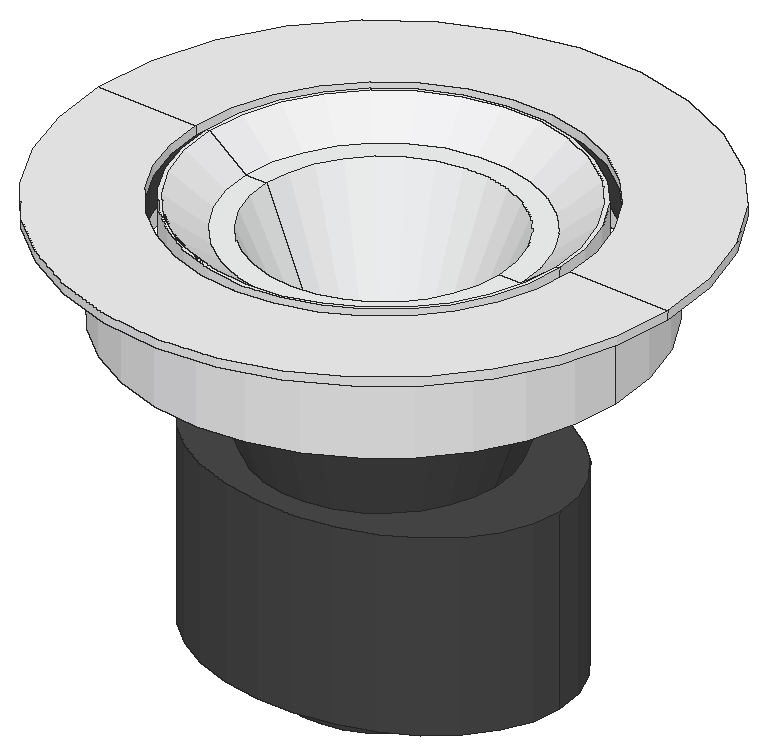
Revit family "2070025", category Lighting Fixtures, host Face, Revit 2018
Family settings
  Host = Face
  Round Connector Dimension = Use Diameter
  Part Type = Normal
  OmniClass Number = 23.80.70.11.17
  OmniClass Title = Specialized Lighting by Location or Use
  Cut with Voids When Loaded = No
  Light Source = No
  Shared = No
  Room Calculation Point = No
Parameters (values of type "EXPOSPOT 70 ADJ 90 4K WB WHT")
  Weight = 0.52 kg  # constant formula
  Total Power Consumption = 20.9996 W
  Reflector Material = Aluminum_Sylvania_Expospot_Polished
  Radius = Diameter / 2  # 68.5 mm
  Product Code = "0060248"
  Photometric Web File = IES_Expospot_70_Adjustable : 0060248
  Photobiological Risk Group = "RG1"  # constant formula
  Nominal Frequency = "50/60Hz"  # constant formula
  Mounting Outer Radius = Head Radius + 3.0 mm  # 45.5 mm
  Max. Luminaires per 20A C Breaker = "70"  # constant formula
  Max. Luminaires per 20A B Breaker = "42"  # constant formula
  Max. Luminaires per 16A C Breaker = "51"  # constant formula
  Max. Luminaires per 16A B Breaker = "31"  # constant formula
  Max. Luminaires per 13A C Breaker = "41"  # constant formula
  Max. Luminaires per 13A B Breaker = "25"  # constant formula
  Max. Luminaires per 10A C Breaker = "31"  # constant formula
  Max. Luminaires per 10A B Breaker = "19"  # constant formula
  Light Loss Factor = 1  # constant formula
  Lamp Power Factor = 0.9  # constant formula
  LOR = "100%"  # constant formula
  Keynote = ""
  Inrush Duration = "139µs"  # constant formula
  Inrush Current = 28 A  # constant formula
  Initial Intensity = 1988 lm
  Initial Color = 4000 K
  IP Rating = "IP20"  # constant formula
  IK Rating = "IK02"  # constant formula
  Height = 103.0 mm  # constant formula
  Voltage Comments = "220-240V~"  # constant formula
  Voltage = 240 V  # constant formula
  URL = "http://www.sylvania-lighting.com/product/en-int/category/interior-lighting/accent-downlights/families/expospot-led/expospot-70-adjustable"
  Product Page URL = "http://www.sylvania-lighting.com/product/en-int/products/0060248"
  Product Family = "EXPOSPOT 70 ADJUSTABLE"  # constant formula
  Head Radius = Radius - 26.0 mm  # 42.5 mm
  Head Diameter = Head Radius * 2  # 85.0 mm
  Head Angle [instance] = 0°
  Glow Wire Test = 850 °C  # constant formula
  Electrical Protection = "Class II"  # constant formula
  Drive Current = "500mA"  # constant formula
  Dimmable = "N"  # constant formula
  Diffuser Material = Acrylic_Sylvania_Expospot_4000K
  Diameter = 137.0 mm  # constant formula
  Cutout Diameter = Diameter - 11.0 mm  # 126.0 mm
  Created by URL = "http://all1studio.com/"
  Created by = "All 1 Studio Ltd. "  # constant formula
  Control Gear Type = "Electronic"  # constant formula
  Control Gear Required = "No"  # constant formula
  Control Gear Mounting = "Remote"  # constant formula
  Colour Variation Initial = "3SDCM"  # constant formula
  built-in parameter 1114216 [instance] = 1 (stored number, unit not read)
  Model = "EXPOSPOT 70 ADJ 90 4K WB WHT"
  Manufacturer = "Feilo Sylvania"  # constant formula
  Lamp = "LED"  # constant formula
  CRI = "90Ra"
  Body Material = Aluminum_Sylvania_Expospot_White
  Description = "Specifically designed for Retail and Display applications. I.e. Supermarkets Fashion Retail Department stores. Build around a 70mm reflector and lens combination."  # constant formula
  Default Elevation = 0.0 mm
  built-in parameter 1140040 [instance] = 1
  Beam Angle = 52°
  Average Life = "50 000h"  # constant formula
  Assembly Code = "D5020200"
  Apparent Load Comments = ""
  Apparent Load = 20.9996 VA
  Body Secondary Material = Plastic_Sylvania_Expospot_Black
Types (12, lengths in mm): name | Product Code | Photometric Web File | Keynote | Initial Intensity | Initial Color | URL | Product Page URL | Diffuser Material | Model | CRI | Beam Angle | Apparent Load
  EXPOSPOT 70 ADJ 90 4K WB WHT | "0060248" | IES_Expospot_70_Adjustable : 0060248 | "" | 1988 lm | 4000 K | "http://www.sylvania-lighting.com/product/en-int/category/interior-lighting/accent-downlights/families/expospot-led/expospot-70-adjustable" | "http://www.sylvania-lighting.com/product/en-int/products/0060248" | Acrylic_Sylvania_Expospot_4000K | "EXPOSPOT 70 ADJ 90 4K WB WHT" | "90Ra" | 52° | 20.9996 VA
  EXPOSPOT 70 ADJ 90 4K MB WHT | "0060247" | IES_Expospot_70_Adjustable : 0060247 | "" | 1964 lm | 4000 K | "http://www.sylvania-lighting.com/product/en-int/category/interior-lighting/accent-downlights/families/expospot-led/expospot-70-adjustable" | "http://www.sylvania-lighting.com/product/en-int/products/0060247" | Acrylic_Sylvania_Expospot_4000K | "EXPOSPOT 70 ADJ 90 4K MB WHT" | "90Ra" | 42° | 20.9996 VA
  EXPOSPOT 70 ADJ 90 4K NB WHT | "0060246" | IES_Expospot_70_Adjustable : 0060246 | "" | 1751 lm | 4000 K | "http://www.sylvania-lighting.com/product/en-int/category/interior-lighting/accent-downlights/families/expospot-led/expospot-70-adjustable" | "http://www.sylvania-lighting.com/product/en-int/products/0060246" | Acrylic_Sylvania_Expospot_4000K | "EXPOSPOT 70 ADJ 90 4K NB WHT" | "90Ra" | 24° | 20.9996 VA
  EXPOSPOT 70 ADJ 90 3K WB WHT | "0060245" | IES_Expospot_70_Adjustable : 0060245 | "" | 1815 lm | 3000 K | "http://www.sylvania-lighting.com/product/en-int/category/interior-lighting/accent-downlights/families/expospot-led/expospot-70-adjustable" | "http://www.sylvania-lighting.com/product/en-int/products/0060245" | Acrylic_Sylvania_Expospot_3000K | "EXPOSPOT 70 ADJ 90 3K WB WHT" | "90Ra" | 53° | 20.9996 VA
  EXPOSPOT 70 ADJ 90 3K MB WHT | "0060244" | IES_Expospot_70_Adjustable : 0060244 | "" | 1793 lm | 3000 K | "http://www.sylvania-lighting.com/product/en-int/category/interior-lighting/accent-downlights/families/expospot-led/expospot-70-adjustable" | "http://www.sylvania-lighting.com/product/en-int/products/0060244" | Acrylic_Sylvania_Expospot_3000K | "EXPOSPOT 70 ADJ 90 3K MB WHT" | "90Ra" | 42° | 20.9996 VA
  EXPOSPOT 70 ADJ 90 3K NB WHT | "0060243" | IES_Expospot_70_Adjustable : 0060243 | "" | 1769 lm | 3000 K | "http://www.sylvania-lighting.com/product/en-int/category/interior-lighting/accent-downlights/families/expospot-led/expospot-70-adjustable" | "http://www.sylvania-lighting.com/product/en-int/products/0060243" | Acrylic_Sylvania_Expospot_3000K | "EXPOSPOT 70 ADJ 90 3K NB WHT" | "90Ra" | 25° | 20.9996 VA
  EXPOSPOT 70 ADJ 80 4K WB WHT | "0060242" | IES_Expospot_70_Adjustable : 0060242 | "" | 1987 lm | 4000 K | "http://www.sylvania-lighting.com/product/en-int/category/interior-lighting/accent-downlights/families/expospot-led/expospot-70-adjustable" | "http://www.sylvania-lighting.com/product/en-int/products/0060242" | Acrylic_Sylvania_Expospot_4000K | "EXPOSPOT 70 ADJ 80 4K WB WHT" | "80Ra" | 54° | 20.9996 VA
  EXPOSPOT 70 ADJ 80 4K MB WHT | "0060241" | IES_Expospot_70_Adjustable : 0060241 | "" | 2224 lm | 4000 K | "http://www.sylvania-lighting.com/product/en-int/category/interior-lighting/accent-downlights/families/expospot-led/expospot-70-adjustable" | "http://www.sylvania-lighting.com/product/en-int/products/0060241" | Acrylic_Sylvania_Expospot_4000K | "EXPOSPOT 70 ADJ 80 4K MB WHT" | "80Ra" | 42° | 20.9996 VA
  EXPOSPOT 70 ADJ 80 4K NB WHT | "0060240" | IES_Expospot_70_Adjustable : 0060240 | "" | 2201 lm | 4000 K | "http://www.sylvania-lighting.com/product/en-int/category/interior-lighting/accent-downlights/families/expospot-led/expospot-70-adjustable" | "http://www.sylvania-lighting.com/product/en-int/products/0060240" | Acrylic_Sylvania_Expospot_4000K | "EXPOSPOT 70 ADJ 80 4K NB WHT" | "80Ra" | 25° | 20.9996 VA
  EXPOSPOT 70 ADJ 80 3K WB WHT | "0060239" | IES_Expospot_70_Adjustable : 0060239 | "" | 2082 lm | 3000 K | "http://www.sylvania-lighting.com/product/en-int/category/interior-lighting/accent-downlights/families/expospot-led/expospot-70-adjustable" | "http://www.sylvania-lighting.com/product/en-int/products/0060239" | Acrylic_Sylvania_Expospot_3000K | "EXPOSPOT 70 ADJ 80 3K WB WHT" | "80Ra" | 54° | 20.9996 VA
  EXPOSPOT 70 ADJ 80 3K NB WHT | "0060237" | IES_Expospot_70_Adjustable : 0060237 | "" | 2149 lm | 3000 K | "http://www.sylvania-lighting.com/product/en-int/category/interior-lighting/accent-downlights/families/expospot-led/expospot-70-adjustable" | "http://www.sylvania-lighting.com/product/en-int/products/0060237" | Acrylic_Sylvania_Expospot_3000K | "EXPOSPOT 70 ADJ 80 3K NB WHT" | "80Ra" | 43° | 20.9996 VA
  2070025 EXPOSPOT 70 ADJ RA90 4000K MB WHITE | "0060238" | IES_Expospot_70_Adjustable : 0060247 | "n/a" | 2152 lm | 3000 K | "0.95" | "http://www.sylvania-lighting.com/product/en-int/products/0060238" | Acrylic_Sylvania_Expospot_3000K | "EXPOSPOT 70 ADJUSTABLE RA90 4000K MB WHITE" | "80Ra" | 43° | 21 VA
Reference planes
  plane 1 "Center (Front/Back)": y = 0
  plane 2: z = 0
  plane 3 "Center (Left/Right)": x = -7.423
  plane 4: z = 2
  plane 5: z = -22.5
  plane 6: x = -75.923
  plane 7: z = -5
Forms (mm)
  Revolve 1, solid, material "Aluminum_Sylvania_Expospot_White" <- "Body Material", detail levels fine
    sketch origin (0, 0, 0) x (1, 0, 0) y (0, 0, 1)
      loop
        line (-75.923, 2) -> (-75.923, 0) -> (-63.423, 0) -> (-63.423, -22.5) -> (-61.423, -22.5) -> (-61.423, 0) -> (-52.423, 0) -> (-52.423, 2) -> (-75.923, 2)
      axis (-7.423, 2) -> (-7.423, -22.5)
    angle from 0 to 360
  Revolve 2, solid, material "Plastic_Sylvania_Expospot_Black" <- "Body Secondary Material", detail levels fine
    sketch origin (0, 0, 0) x (1, 0, 0) y (0, 0, 1)
      loop
        line (-61.423, 0) -> (-61.423, -1.5) -> (-54.423, -1.5) -> (-54.423, -8.5) -> (-52.923, -8.5) -> (-52.923, 0) -> (-61.423, 0)
      axis (-7.423, 0) -> (-7.423, -8.5)
    angle from 0 to 360
  Extrusion 3, void
    sketch origin (0, 0, 0) x (1, 0, 0) y (0, 1, 0)
      loop
        circle (-7.423, 0) r 63
    from -116.997 to 69.443
  Extrusion 4, solid, material "Aluminum_Sylvania_Expospot_White" <- "Body Material", detail levels fine
    sketch origin (-7.423, 0, 0) x (0, 1, 0) y (0, 0, 1)
      loop
        circle (0, -5) r 3.5
    from 42.5 <- "Head Radius" to 45.5 <- "Mounting Outer Radius"
  Extrusion 5, solid, material "Aluminum_Sylvania_Expospot_White" <- "Body Material", detail levels fine
    sketch origin (-7.423, 0, 0) x (0, 1, 0) y (0, 0, -1)
      loop
        circle (0, 5) r 3.5
    from 42.5 <- "Head Radius" to 45.5 <- "Mounting Outer Radius"
  Revolve 6, solid, material "Aluminum_Sylvania_Expospot_White" <- "Body Material", detail levels coarse+medium
    sketch origin (0, 0, 0) x (1, 0, 0) y (0, 0, 1)
      loop
        line (-75.923, 2) -> (-75.923, 0) -> (-63.423, 0) -> (-63.423, -22.5) -> (-61.423, -22.5) -> (-61.423, -8.5) -> (-52.423, -8.5) -> (-52.423, 2) -> (-75.923, 2)
      axis (-7.423, 2) -> (-7.423, -22.5)
    angle from 0 to 360
Lines and regions (mm)
  Masking region 1
    outline origin (0, 0, 0) x (1, 0, 0) y (0, 1, 0)
      loop
        circle (-7.423, 0) r 68.5
  reference lines
    curve 1: line (-7.423, 0, -5) -> (-7.423, 0, -60)
  symbolic lines, detail levels fine
    curve 2: arc (-52.423, 0, 0) -> (-7.423, 45, 0) -> (37.577, 0, 0) r 45
    curve 3: arc (37.577, 0, 0) -> (-7.423, -45, 0) -> (-52.423, 0, 0) r 45
Dimensions and locks
  plane 4 to plane 2 to plane 7 to plane 5 = 2.0 mm locked, 5.0 mm locked, 17.5 mm locked
  "Radius": plane 6 to plane 3 "Center (Left/Right)"
  "Cutout Diameter": diameter of Extrusion 3 sketch curve
  "Head Angle": angle plane 1 "Center (Front/Back)" to curve 1
  aligned and locked: host face to plane 2
  aligned and locked: host face to level
  aligned and locked: plane 6 to Revolve 1 sketch curve
  aligned and locked: Revolve 1 sketch curve to plane 3 "Center (Left/Right)"
  aligned and locked: plane 1 "Center (Front/Back)" to curve 1
  aligned and locked: plane 7 to curve 1
  aligned and locked: plane 6 to Revolve 6 sketch curve
Automatic sketch dimensions
  host sketch curve to host sketch curve = 1412.252 mm
  host sketch curve to host sketch curve = 1359.6 mm
  Revolve 1 sketch curve to level = 0.0 mm  (x2)
  Revolve 1 sketch curve to plane 5 = 0.0 mm
  Revolve 1 sketch curve to plane 4 = 0.0 mm
  Revolve 1 sketch curve to Revolve 1 sketch curve = 12.5 mm
  Revolve 1 sketch curve to Revolve 1 sketch curve = 2.0 mm
  Revolve 1 sketch curve to Revolve 1 sketch curve = 9.0 mm
  Revolve 1 sketch curve to plane 5 = 349.774 mm
  plane 4 to Revolve 1 sketch curve = 1145.706 mm
  Revolve 2 sketch curve to level = 0.0 mm
  Revolve 2 sketch curve to plane 3 "Center (Left/Right)" = 0.0 mm
  Revolve 2 sketch curve to plane 6 = 23.0 mm
  Revolve 2 sketch curve to Revolve 2 sketch curve = 1.5 mm
  Revolve 2 sketch curve to level = 1.5 mm
  Revolve 2 sketch curve to Revolve 2 sketch curve = 7.0 mm
  Revolve 2 sketch curve to plane 7 = 3.5 mm
  Revolve 2 sketch curve to plane 5 = 349.774 mm
  plane 4 to Revolve 2 sketch curve = 1145.706 mm
  plane 1 "Center (Front/Back)" to Extrusion 3 sketch curve = 0.0 mm
  Extrusion 3 sketch curve to plane 3 "Center (Left/Right)" = 0.0 mm
  Extrusion 4 sketch curve to plane 1 "Center (Front/Back)" = 0.0 mm
  Extrusion 4 sketch curve to plane 7 = 0.0 mm
  Extrusion 5 sketch curve to plane 1 "Center (Front/Back)" = 0.0 mm
  Extrusion 5 sketch curve to plane 7 = 0.0 mm
  Revolve 6 sketch curve to level = 0.0 mm
  Revolve 6 sketch curve to plane 5 = 0.0 mm
  Revolve 6 sketch curve to plane 4 = 0.0 mm
  Revolve 6 sketch curve to plane 3 "Center (Left/Right)" = 0.0 mm
  Revolve 6 sketch curve to plane 6 = 12.5 mm
  Revolve 6 sketch curve to plane 7 = 3.5 mm
  Revolve 6 sketch curve to Revolve 6 sketch curve = 9.0 mm
  Revolve 6 sketch curve to plane 5 = 349.774 mm
  plane 4 to Revolve 6 sketch curve = 1145.706 mm
  Revolve 6 sketch curve to Revolve 6 sketch curve = 2.0 mm
  Masking region 1 sketch curve to Masking region 1 sketch curve = 0.0 mm  (x2)
  plane 1 "Center (Front/Back)" to Masking region 1 sketch curve = 0.0 mm
  Masking region 1 sketch curve to plane 6 = 0.0 mm
  Masking region 1 sketch curve to plane 3 "Center (Left/Right)" = 0.0 mm
  curve 2 to curve 3 = 0.0 mm  (x2)
  plane 1 "Center (Front/Back)" to curve 2 = 0.0 mm
  curve 3 to plane 3 "Center (Left/Right)" = 0.0 mm
  curve 3 to plane 6 = 23.5 mm
  radius of Extrusion 4 sketch curve = 3.5 mm
  radius of Extrusion 5 sketch curve = 3.5 mm
Nested families
  nested 1: "Head_Expospot 70" at (-7.423, 0, 2), type "Head_Expospot 70"
  nested 2: "IES_Expospot_70_Adjustable" at (-7.423, 0, 2), type <- "Photometric Web File", type "0060248"
Connectors
  electrical at (-7.423, 0, -101), driven by "Voltage", driven by "Apparent Load", driven by "Lamp Power Factor"
    settings: on nested 1, index 1, voltage 240 V, apparent load 0 VA, apparent load phase1 20.9996 VA, apparent load phase2 0 VA, apparent load phase3 0 VA, power factor 0.9, load classification "Lighting", number of poles 1, system type 31, power factor state 1, is connector primary yes, connector utility no, sub classification motor no, connector description ""
Definition of nested family "Head_Expospot 70"
  Parameters (values of type "Head_Expospot 70")
    Reflector Material = none
    Radius = 42.5 mm
    Height = 103.0 mm
    Diffuser Material = none
    Default Elevation = 0.0 mm
    Cooling Y Axis = Radius - 10.0 mm  # 32.5 mm
    Cooling X Axis = Radius  # 42.5 mm
    Body Secondary Material = none
    Body Material = none
  Reference planes
    plane 1 "Center (Front/Back)": y = 0
    plane 2: z = 0
    plane 3 "Center (Left/Right)": x = 0
    plane 4: z = -47.5
    plane 5: z = -6.5
    plane 6 "Fixture Radius": x = -42.5
    plane 7: z = -52.5
    plane 8: z = -95
    plane 9: z = -103
    plane 10: z = -28
    plane 11 "Diffuser Radius": x = -10.5
  Forms (mm)
    Revolve 1, solid, material <- "Body Material", detail levels fine
      sketch origin (0, 0, 0) x (1, 0, 0) y (0, 0, 1)
        loop
          line (-42.5, 0) -> (-42.5, -28) -> (-40.5, -28) -> (-40.5, -3.393) -> (-36.342, -6.5) -> (-33, -6.5) -> (-41.7, 0) -> (-42.5, 0)
        axis (0, 0) -> (0, -28)
      angle from 0 to 360
    Revolve 2, solid, material <- "Reflector Material", detail levels fine
      sketch origin (0, 0, 0) x (1, 0, 0) y (0, 0, 1)
        loop
          line (-35, -6.5) -> (-35, -8.5) -> (-29.321, -8.5) -> (-12.675, -47.5) -> (-10.5, -47.5) -> (-28, -6.5) -> (-35, -6.5)
        axis (0, -6.5) -> (0, -47.5)
      angle from 0 to 360
    Revolve 3, solid, material <- "Body Secondary Material", detail levels fine
      sketch origin (0, 0, 0) x (1, 0, 0) y (0, 0, 1)
        loop
          line (-40.5, -17.5) -> (-40.5, -28) -> (-36.5, -28) -> (-27.095, -52.5) -> (0, -52.5) -> (0, -51.5) -> (-10.5, -51.5) -> (-10.5, -47.5) -> (-27.944, -47.5) -> (-35.813, -27) -> (-39.5, -27) -> (-39.5, -17.5) -> (-40.5, -17.5)
        axis (0, -17.5) -> (0, -52.5)
      angle from 0 to 360
    Revolve 4, solid, material <- "Body Secondary Material", detail levels fine
      sketch origin (0, 0, 0) x (1, 0, 0) y (0, 0, 1)
        loop
          line (-23.5, -95) -> (-23.5, -97) -> (-21.5, -103) -> (0, -103) -> (0, -95) -> (-23.5, -95)
        axis (0, -95) -> (0, -103)
      angle from 0 to 360
    Extrusion 5, solid, material <- "Body Secondary Material", detail levels fine
      sketch origin (0, 0, 0) x (1, 0, 0) y (0, 1, 0)
        loop
          spline (42.5, 0) -> (41.052, 8.412) -> (36.806, 16.25) -> (30.052, 22.981) -> (21.25, 28.146) -> (11, 31.393) -> (0, 32.5) -> (-11, 31.393) -> (-21.25, 28.146) -> (-30.052, 22.981) -> (-36.806, 16.25) -> (-41.052, 8.412) -> (-42.5, 0)
          spline (-42.5, 0) -> (-41.052, -8.412) -> (-36.806, -16.25) -> (-30.052, -22.981) -> (-21.25, -28.146) -> (-11, -31.393) -> (0, -32.5) -> (11, -31.393) -> (21.25, -28.146) -> (30.052, -22.981) -> (36.806, -16.25) -> (41.052, -8.412) -> (42.5, 0)
      from -95 to -52.5
    Extrusion 6, solid, material <- "Body Material", detail levels coarse+medium
      sketch origin (0, 0, 0) x (1, 0, 0) y (0, 1, 0)
        loop
          circle (0, 0) r 42.5
      from -103 to 0
    Revolve 7, solid, material <- "Diffuser Material", detail levels fine
      sketch origin (0, 0, 0) x (1, 0, 0) y (0, 0, 1)
        loop
          line (-10.5, -47.5) -> (-10.5, -51.5) -> (0, -51.5) -> (0, -47.5) -> (-10.5, -47.5)
        axis (0, -47.5) -> (0, -51.5)
      angle from 0 to 360
  Dimensions and locks
    "Radius": plane 3 "Center (Left/Right)" to plane 6 "Fixture Radius"
    locked: Revolve 4 sketch curve to plane 6 "Fixture Radius" at 19
    "Cooling Y Axis": plane 1 "Center (Front/Back)" to Extrusion 5 sketch curve
    "Cooling X Axis": Extrusion 5 sketch curve to plane 3 "Center (Left/Right)"
    locked: plane 11 "Diffuser Radius" to plane 6 "Fixture Radius" at 32
    plane 2 to plane 5 to plane 10 to plane 4 to plane 7 = 6.5 mm locked, 21.5 mm locked, 19.5 mm locked, 5.0 mm locked
    locked: plane 8 to plane 9 at 8
    "Height": plane 2 to plane 9
    "Radius": radius of Extrusion 6 sketch curve
    aligned and locked: level to plane 2
    aligned and locked: Revolve 1 sketch curve to plane 6 "Fixture Radius"
    aligned and locked: Extrusion 5 to plane 8
    aligned and locked: plane 7 to Extrusion 5
    aligned and locked: Extrusion 6 to plane 9
    aligned and locked: plane 2 to Extrusion 6
    aligned and locked: Revolve 1 sketch curve to plane 10
    aligned and locked: plane 11 "Diffuser Radius" to Revolve 7 sketch curve
    aligned and locked: plane 11 "Diffuser Radius" to Revolve 3 sketch curve
  Automatic sketch dimensions
    Revolve 4 sketch curve to plane 8 = 0.0 mm
    Revolve 4 sketch curve to plane 9 = 0.0 mm
    Revolve 4 sketch curve to plane 3 "Center (Left/Right)" = 0.0 mm  (x2)
    Revolve 4 sketch curve to plane 8 = 2.0 mm
    Revolve 4 sketch curve to Revolve 4 sketch curve = 2.0 mm
    Revolve 4 sketch curve to plane 9 = 265.545 mm
    level to Revolve 4 sketch curve = 2214.315 mm
    Revolve 1 sketch curve to level = 0.0 mm
    Revolve 1 sketch curve to plane 5 = 0.0 mm
    Revolve 1 sketch curve to plane 3 "Center (Left/Right)" = 0.0 mm
    Revolve 1 sketch curve to Revolve 1 sketch curve = 0.8 mm
    plane 6 "Fixture Radius" to Revolve 1 sketch curve = 2.0 mm
    plane 5 to Revolve 1 sketch curve = 3.107 mm
    Revolve 1 sketch curve to Revolve 1 sketch curve = 3.342 mm
    Revolve 1 sketch curve to Revolve 1 sketch curve = 7.5 mm
    Revolve 1 sketch curve to plane 9 = 288.545 mm
    level to Revolve 1 sketch curve = 2214.315 mm
    Revolve 7 sketch curve to plane 3 "Center (Left/Right)" = 0.0 mm  (x2)
    Revolve 7 sketch curve to plane 4 = 0.0 mm
    plane 7 to Revolve 7 sketch curve = 1.0 mm
    Revolve 3 sketch curve to plane 10 = 0.0 mm
    Revolve 3 sketch curve to plane 4 = 0.0 mm
    Revolve 3 sketch curve to plane 3 "Center (Left/Right)" = 0.0 mm  (x2)
    Revolve 3 sketch curve to plane 7 = 0.0 mm
    Revolve 3 sketch curve to Revolve 3 sketch curve = 0.848 mm
    plane 10 to Revolve 3 sketch curve = 1.0 mm
    plane 6 "Fixture Radius" to Revolve 3 sketch curve = 6.687 mm
    Revolve 3 sketch curve to Revolve 3 sketch curve = 0.687 mm
    plane 6 "Fixture Radius" to Revolve 3 sketch curve = 3.0 mm
    Revolve 3 sketch curve to Revolve 3 sketch curve = 1.0 mm
    Revolve 3 sketch curve to Revolve 3 sketch curve = 9.5 mm
    Revolve 3 sketch curve to plane 9 = 265.545 mm
    plane 7 to Revolve 3 sketch curve = 1.0 mm
    level to Revolve 3 sketch curve = 2214.315 mm
    plane 6 "Fixture Radius" to Revolve 3 sketch curve = 14.556 mm
    Revolve 7 sketch curve to plane 9 = 265.545 mm
    level to Revolve 7 sketch curve = 2214.315 mm
    Revolve 2 sketch curve to plane 5 = 0.0 mm
    plane 11 "Diffuser Radius" to Revolve 2 sketch curve = 0.0 mm
    Revolve 2 sketch curve to plane 3 "Center (Left/Right)" = 0.0 mm
    Revolve 2 sketch curve to Revolve 2 sketch curve = 7.0 mm
    Revolve 2 sketch curve to plane 9 = 288.545 mm
    level to Revolve 2 sketch curve = 2214.315 mm
    Revolve 2 sketch curve to plane 5 = 2.0 mm
    Revolve 2 sketch curve to plane 4 = 0.0 mm
    plane 11 "Diffuser Radius" to Revolve 2 sketch curve = 2.175 mm
    Revolve 2 sketch curve to Revolve 2 sketch curve = 1.321 mm
    plane 6 "Fixture Radius" to Revolve 2 sketch curve = 14.5 mm
    plane 1 "Center (Front/Back)" to Extrusion 5 sketch curve = 0.0 mm
    Extrusion 5 sketch curve to plane 3 "Center (Left/Right)" = 0.0 mm
    plane 1 "Center (Front/Back)" to Extrusion 6 sketch curve = 0.0 mm
    Extrusion 6 sketch curve to plane 3 "Center (Left/Right)" = 0.0 mm
Definition of nested family "IES_Expospot_70_Adjustable"
  Parameters (values of type "0060237")
    Wattage = 21.0007 W
    built-in parameter 1150110 = 1 (stored number, unit not read)
    Total Power Consumption = 20.9996 W
    built-in parameter 1114217 = 1 (stored number, unit not read)
    Tilt Angle = -90°
    built-in parameter 1150109 = 1 (stored number, unit not read)
    built-in parameter 1150134 = (empty or 0)
    built-in parameter 1150113 = 1 (stored number, unit not read)
    Photometric Web File = "0060237.ies"
    built-in parameter 1150105 = 171.01 (stored number, unit not read)
    Lumens = 2149 lm
    built-in parameter 1150115 = 1 (stored number, unit not read)
    built-in parameter 1150137 = (empty or 0)
    built-in parameter 1150139 = (empty or 0)
    built-in parameter 1150112 = 1 (stored number, unit not read)
    built-in parameter 1150114 = 1 (stored number, unit not read)
    built-in parameter 1150132 = 2
    built-in parameter 1150102 = (empty or 0)
    built-in parameter 1150107 = 3000 (stored number, unit not read)
    built-in parameter 1150138 = (empty or 0)
    built-in parameter 1150106 = 1.7101 (stored number, unit not read)
    Emit from Circle Diameter = 85.0 mm
    Emit Shape Visible in Rendering = no
    built-in parameter 1150104 = 9.5068 (stored number, unit not read)
    Dimming Lamp Color Temperature Shift = (empty or 0)
    Default Elevation = 0.0 mm
    Color Filter = 16777215
    built-in parameter 1114218 = 1 (stored number, unit not read)
    built-in parameter 1150133 = 10 (stored number, unit not read)
    Apparent Load = 20.9996 VA
  Types (12, lengths in mm): name | Wattage | built-in parameter 1150134 | Photometric Web File | built-in parameter 1150105 | Lumens | built-in parameter 1150107 | built-in parameter 1150106 | built-in parameter 1150104
    0060248 | 20.9996 W | 12 | "0060248.ies" | 158.2 (stored number, unit not read) | 1988 lm | 4000 (stored number, unit not read) | 1.582 (stored number, unit not read) | 8.795 (stored number, unit not read)
    0060247 | 20.9996 W | 12 | "0060247.ies" | 156.29 (stored number, unit not read) | 1964 lm | 4000 (stored number, unit not read) | 1.5629 (stored number, unit not read) | 8.6888 (stored number, unit not read)
    0060246 | 20.9996 W | 12 | "0060246.ies" | 139.34 (stored number, unit not read) | 1751 lm | 4000 (stored number, unit not read) | 1.3934 (stored number, unit not read) | 7.7465 (stored number, unit not read)
    0060245 | 20.9996 W | (empty or 0) | "0060245.ies" | 144.43 (stored number, unit not read) | 1815 lm | 3000 (stored number, unit not read) | 1.4443 (stored number, unit not read) | 8.0296 (stored number, unit not read)
    0060244 | 20.9996 W | (empty or 0) | "0060244.ies" | 142.68 (stored number, unit not read) | 1793 lm | 3000 (stored number, unit not read) | 1.4268 (stored number, unit not read) | 7.9323 (stored number, unit not read)
    0060243 | 20.9996 W | (empty or 0) | "0060243.ies" | 140.77 (stored number, unit not read) | 1769 lm | 3000 (stored number, unit not read) | 1.4077 (stored number, unit not read) | 7.8261 (stored number, unit not read)
    0060242 | 20.9996 W | 12 | "0060242.ies" | 158.12 (stored number, unit not read) | 1987 lm | 4000 (stored number, unit not read) | 1.5812 (stored number, unit not read) | 8.7906 (stored number, unit not read)
    0060241 | 20.9996 W | 12 | "0060241.ies" | 176.98 (stored number, unit not read) | 2224 lm | 4000 (stored number, unit not read) | 1.7698 (stored number, unit not read) | 9.8391 (stored number, unit not read)
    0060240 | 20.9996 W | 12 | "0060240.ies" | 175.15 (stored number, unit not read) | 2201 lm | 4000 (stored number, unit not read) | 1.7515 (stored number, unit not read) | 9.7373 (stored number, unit not read)
    0060239 | 20.9996 W | (empty or 0) | "0060239.ies" | 165.68 (stored number, unit not read) | 2082 lm | 3000 (stored number, unit not read) | 1.6568 (stored number, unit not read) | 9.2109 (stored number, unit not read)
    0060238 | 20.9996 W | (empty or 0) | "0060238.ies" | 171.25 (stored number, unit not read) | 2152 lm | 3000 (stored number, unit not read) | 1.7125 (stored number, unit not read) | 9.5206 (stored number, unit not read)
    0060237 | 21.0007 W | (empty or 0) | "0060237.ies" | 171.01 (stored number, unit not read) | 2149 lm | 3000 (stored number, unit not read) | 1.7101 (stored number, unit not read) | 9.5068 (stored number, unit not read)
  Reference planes
    plane 1 "Center (Front/Back)": y = 0
    plane 2: z = 0
    plane 3 "Center (Left/Right)": x = 0
  Dimensions and locks
    aligned and locked: level to plane 2
    aligned and locked: plane 3 "Center (Left/Right)" to imposter light
    aligned and locked: plane 1 "Center (Front/Back)" to imposter light
    aligned and locked: level to imposter light
